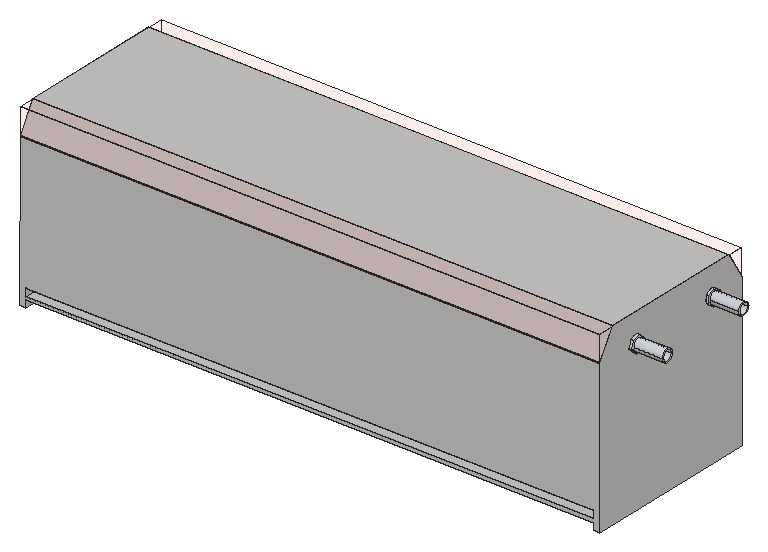
Revit family "Air-Curtain_Climate-Control_PoweredAire_ECE-HW", category Mechanical Equipment, host Face, Revit 2026
Family settings
  Host = Face
  Round Connector Dimension = Use Diameter
  Part Type = Normal
  Classification Number = 23.75.35.17.21
  Cut with Voids When Loaded = No
  Maintain Annotation Orientation = No
  Shared = No
  Room Calculation Point = No
Parameters
  upperrotation [instance] = if(Upper Pipe Connection Side A, 0.00°, 180.00°)  # 0.00°
  lowerrotation [instance] = if(Lower Pipe Connection Side A, 0.00°, 180.00°)  # 0.00°
  locateupperpipe [instance] = if(Upper Pipe Connection Side A, 0' 0", Nozzle Width)  # 0' - 0"
  locatelowerpipe [instance] = if(Lower Pipe Connection Side A, 0' 0", Nozzle Width)  # 0' - 0"
  Upper Pipe Connection Side A [instance] = yes
  Unit Width Notes = "Other Widths available."  # constant formula
  Unit Width = 4' - 1"
  Unit Weight = 0
  Unit Height = 1' - 3"
  Unit Depth [instance] = if(Include Filters, 2' 1 7/8", 1' 11 3/4")  # 1' - 11 3/4"
  Unit  Depth [instance] = 1' - 3"
  URL = "http://www.poweredaire.com/"
  Specification = ""
  Projection from Host [instance] = 0' - 0"
  Product Page URL = "https://www.arcat.com/company/powered-aire-inc-47623"
  Power Rating = 0 W
  Piping_Water Flow [instance] = 0 GPM
  Piping_Operating Pressure [instance] = 0.00 psi
  Piping_Exit Temperature [instance] = 0 °F
  Piping_Entry Temperature [instance] = 0 °F
  Pipe OD [instance] = 5/8"
  Nozzle Width = if(1 = 1, Unit Width - 0' 3", 0' 0")  # 3' - 10"
  Mounting Width = if(1 = 1, Unit Width - 0' 1 1/2", 0' 0")  # 3' - 11 1/2"
  Mounting Height [instance] = 3' - 6"
  Motor RPM = 0
  Motor HP = 0
  Motor Count = 0
  Model = "ECE HW"
  Max Height = 0' - 0"
  Manufacturer = "Powered Aire, Inc"
  Lower Pipe Connection Side A [instance] = yes
  Keynote = "23 34 33"
  Include Filters [instance] = no
  Include Clearance [instance] = yes
  Heating Element Load = 0 W
  HVAC_Temperature Rise [instance] = 0 °F
  HVAC_Outlet Volume [instance] = 0 CFM
  HVAC_Outlet Velocity Uniformity = 0
  HVAC_Outlet Velocity [instance] = 0 FPM
  HVAC_BTU Input = 0.0 Btu/h
  Front Grating Material [instance] = Metal - Steel - PoweredAire - Stainless 304 Perforated
  Frame Finish [instance] = Metal - Steel - PoweredAire - Stainless 304
  Electrical_Wattage [instance] = Power Rating + Heating Element Load  # 0 W
  Electrical_Voltage [instance] = 0 V
  Electrical_Phase [instance] = 1
  Electrical_Frequency [instance] = 0 Hz
  Electrical_Amperage [instance] = 0 A
  Description = ""
  Default Elevation = 0' - 0"  # constant formula
  Copyright = "©Arcat Inc."
  Clearance_Top [instance] = 0' - 0"
  Clearance_Side B [instance] = 0' - 0"
  Clearance_Side A [instance] = 0' - 0"
  Clearance_Intake [instance] = 0' - 0"
  Clearance_Bottom [instance] = 0' - 0"
  Clearance Material [instance] = ARCAT Clearance
  CAD Details = ""
  Assembly Code = "D3090400"
Reference planes (in)
  plane 1 "Center (Elevation)": y = 0.13818
  plane 2: z = 0
  plane 3 "Center (Left/Right)": x = 0
  plane 4: y = 7.63818
  plane 5: y = -7.36182
  plane 6: x = 24.5
  plane 7: z = 15
  plane 8 "FF": y = -41.86182
  plane 9: x = 24.5
  plane 10: x = -24.5
  plane 11: y = 7.63818
  plane 12: y = -7.36182
  plane 13: x = -24.5
  plane 14: y = 6.26318
  plane 15: y = -5.98682
  plane 16: z = 12.75
  plane 17: y = 4.38818
  plane 18: y = -3.67182
  plane 19: z = 0
  plane 20: y = 9.88818
  plane 21: x = 24
  plane 22: x = -24
Forms (in)
  Extrusion 1, solid, material "Metal - Steel - PoweredAire - Stainless 304" <- "Frame Finish"
    sketch origin (0, -0.0191, 0) x (0, 1, 0) y (0, 0, 1)
      loop
        line (-7.34273, 0) -> (7.65727, 0) -> (7.65727, 12.75) -> (6.24408, 15.03125) -> (-5.96773, 15.03125) -> (-7.34273, 12.75) -> (-7.34273, 0)
    from -24.5 to 24.5
  Extrusion 2, solid, material "ARCAT Clearance" <- "Clearance Material", visible <- "Include Clearance"
    sketch origin (0, 0, 0) x (0, 1, 0) y (0, 0, 1)
      loop
        line (-7.36182, 15) -> (-7.36182, 0) -> (7.63818, 0) -> (7.63818, 15) -> (-7.36182, 15)
    from -24.5 to 24.5
  Extrusion 3, solid
    sketch origin (0, 0, 0) x (0, 1, 0) y (0, 0, 1)
      loop
        circle (-3.67182, 12.75) r 0.44922
      loop
        circle (4.38818, 12.75) r 0.44922
      loop
        circle (-3.67182, 12.75) r 0.5
      loop
        circle (4.38818, 12.75) r 0.5
    from 24.5 to 27.25
  Extrusion 4, solid
    sketch origin (0, 0, 0) x (0, 1, 0) y (0, 0, 1)
      loop
        line (-3.19979, 12.27796) -> (-3.02701, 12.92278) -> (-3.49905, 13.39481) -> (-4.14386, 13.22204) -> (-4.31664, 12.57722) -> (-3.8446, 12.10519) -> (-3.19979, 12.27796)
      loop
        line (4.93501, 12.3671) -> (4.99319, 13.03212) -> (4.44636, 13.41502) -> (3.84134, 13.1329) -> (3.78316, 12.46788) -> (4.32999, 12.08498) -> (4.93501, 12.3671)
      loop
        circle (-3.67182, 12.75) r 0.5
      loop
        circle (4.38818, 12.75) r 0.5
    from 24.5 to 24.78
  Extrusion 5, void
    sketch origin (0.25, 0, -1) x (0, 1, 0) y (0, 0, 1)
      loop
        line (-7.36182, 1) -> (-6.36182, 1) -> (-6.36182, 2.5) -> (-7.36182, 2.5) -> (-7.36182, 1.82425) -> (-6.50864, 1.82425) -> (-6.50864, 1.57425) -> (-7.36182, 1.57425) -> (-7.36182, 1)
    from -24.25 to 23.75
  Extrusion 6, solid
    sketch origin (0, 0.13818, 0) x (1, 0, 0) y (0, 0, 1)
      loop
        line (1.90625, 10.0625) -> (-1.90625, 10.0625)
        arc (-1.90625, 10.0625) -> (-1.97254, 10.03504) -> (-2, 9.96875) r 0.09375
        line (-2, 9.96875) -> (-2, 6.15625)
        arc (-2, 6.15625) -> (-1.97254, 6.08996) -> (-1.90625, 6.0625) r 0.09375
        line (-1.90625, 6.0625) -> (1.90625, 6.0625)
        arc (1.90625, 6.0625) -> (1.97254, 6.08996) -> (2, 6.15625) r 0.09375
        line (2, 6.15625) -> (2, 9.96875)
        arc (2, 9.96875) -> (1.97254, 10.03504) -> (1.90625, 10.0625) r 0.09375
    from -9.75 to -7.5
  Extrusion 7, solid, material "Metal - Steel - PoweredAire - Stainless 304 Perforated"
    sketch origin (0, 0, 0) x (0, 1, 0) y (0, 0, 1)
      loop
        line (-5.98682, 15.03125) -> (6.22498, 15.03125) -> (7.63818, 12.75) -> (7.63818, 12.80115) -> (6.24908, 15.07422) -> (-6.01109, 15.07422) -> (-7.36182, 12.83324) -> (-7.36182, 12.75) -> (-5.98682, 15.03125)
    from -24.5 to 24.5
  Extrusion 8, solid
    sketch origin (0, 0, 0) x (0, 1, 0) y (0, 0, 1)
      loop
        circle (-3.67182, 12.75) r 0.53906
      loop
        circle (4.38818, 12.75) r 0.53906
    from 23.98 to 24.5
Cuts and joins
  Extrusion 5 cuts Extrusion 1
  Extrusion 5 cuts Extrusion 2
Lines and regions (in)
  reference lines
    curve 1: line (19.5, 6.26318, 0) -> (24.25, 6.26318, 0)
    curve 2: line (19.5, -5.98682, 0) -> (23.75, -5.98682, 0)
Dimensions and locks (in)
  equal spacing: plane 4, plane 1 "Center (Elevation)", plane 5
  "Unit Height": plane 4 to plane 5
  plane 10 to plane 3 "Center (Left/Right)" to plane 9 = 2' - 0 1/2", 2' - 0 1/2"
  "Mounting Height": plane 1 "Center (Elevation)" to plane 8 "FF"
  "Clearance_Top": plane 11 to plane 4
  "Clearance_Bottom": plane 5 to plane 12
  locked: plane 12 to plane 18 at 3.69
  locked: plane 17 to plane 11 at 3.25
  locked: Extrusion 1 to Extrusion 3 at 2.75
  "Clearance_Side B": plane 9 to plane 6
  "Clearance_Side A": plane 13 to plane 10
  "Unit Width": plane 10 to plane 9
  locked: plane 6 to Extrusion 4 at 0.28
  Extrusion 5 sketch curve to Extrusion 5 sketch curve to Extrusion 5 sketch curve to Extrusion 5 sketch curve = 0' - 0.67575" locked, 0' - 0 1/4" locked, 0' - 0.57425" locked
  locked: Extrusion 5 sketch curve to Extrusion 5 sketch curve at 0.14681
  "Projection from Host": plane 2 to plane 19
  locked: plane 16 to plane 7 at 2.25
  "Unit  Depth": plane 7 to plane 19
  Extrusion 6 to plane 3 "Center (Left/Right)" to Extrusion 6 = 0' - 2" locked, 0' - 2" locked
  locked: Extrusion 6 to Extrusion 6 at 4
  locked: Extrusion 6 to plane 7 at 4.9375
  locked: cut or joined group of Extrusion 2, Extrusion 5 to Extrusion 6 at 2.25
  locked: plane 20 to plane 11 at 2.25
  equal spacing: cut or joined group of Extrusion 2, Extrusion 5, plane 3 "Center (Left/Right)", cut or joined group of Extrusion 2, Extrusion 5
  locked: plane 22 to plane 10 at 0.5
  locked: plane 9 to plane 21 at 0.5
  locked: Extrusion 8 to plane 6 at 0.52
  plane 9 to plane 6 = 0' - 0"
  aligned and locked: plane 2 to host face
  aligned and locked: host face to level
  aligned and locked: plane 12 to Extrusion 2 sketch curve
  aligned and locked: level to Extrusion 2 sketch curve
  aligned and locked: Extrusion 2 sketch curve to plane 11
  aligned and locked: Extrusion 2 to plane 13
  aligned and locked: plane 9 to Extrusion 1
  aligned and locked: Extrusion 1 to plane 10
  aligned and locked: plane 15 to curve 2
  aligned and locked: plane 14 to curve 1
  aligned and locked: plane 6 to Extrusion 2
  aligned and locked: Extrusion 3 to Extrusion 1
  aligned and locked: Extrusion 3 to plane 9
  aligned and locked: plane 9 to Extrusion 3  (x2)
  aligned and locked: plane 10 to Extrusion 1
  aligned and locked: Extrusion 4 to plane 6
  aligned and locked: plane 19 to cut or joined group of Extrusion 1, Extrusion 5
  aligned and locked: Extrusion 1 to Extrusion 5
  aligned and locked: Extrusion 1 to plane 4
  aligned and locked: Extrusion 1 to plane 5
  aligned and locked: cut or joined group of Extrusion 1, Extrusion 5 to plane 11
  aligned and locked: Extrusion 7 sketch curve to plane 5
  aligned and locked: plane 4 to Extrusion 7 sketch curve
  aligned and locked: Extrusion 7 to cut or joined group of Extrusion 1, Extrusion 5  (x2)
  aligned and locked: Extrusion 6 to cut or joined group of Extrusion 1, Extrusion 5
  aligned and locked: cut or joined group of Extrusion 1, Extrusion 5 to Extrusion 6
  aligned and locked: Extrusion 6 to plane 20
  aligned and locked: Extrusion 5 to cut or joined group of Extrusion 2, Extrusion 5  (x2)
  aligned and locked: plane 21 to cut or joined group of Extrusion 2, Extrusion 5
  aligned and locked: cut or joined group of Extrusion 2, Extrusion 5 to plane 22
  aligned and locked: Extrusion 8 to Extrusion 4
Automatic sketch dimensions
  host sketch curve to host sketch curve = 8' - 0"  (x2)
  curve 1 to plane 9 = 0' - 0 1/4"
  curve 1 to curve 1 = 0' - 4 3/4"
  curve 2 to plane 9 = 0' - 5"
  Extrusion 3 sketch curve to Extrusion 3 sketch curve = 0' - 0"  (x4)
  Extrusion 3 sketch curve to plane 16 = 0' - 0"  (x2)
  Extrusion 3 sketch curve to plane 18 = 0' - 0"
  Extrusion 3 sketch curve to plane 17 = 0' - 0"
  Extrusion 4 sketch curve to plane 16 = 0' - 0"  (x2)
  Extrusion 4 sketch curve to plane 18 = 0' - 0"
  Extrusion 4 sketch curve to plane 17 = 0' - 0"
  plane 18 to Extrusion 4 sketch curve = 0' - 0.17278"
  plane 18 to Extrusion 4 sketch curve = 0' - 0.47204"
  Extrusion 4 sketch curve to plane 16 = 0' - 0.17278"
  plane 18 to Extrusion 4 sketch curve = 0' - 0.64481"
  Extrusion 4 sketch curve to plane 18 = 0' - 0.17278"
  Extrusion 4 sketch curve to plane 18 = 0' - 0.47204"
  plane 16 to Extrusion 4 sketch curve = 0' - 0.17278"
  Extrusion 4 sketch curve to plane 18 = 0' - 0.64481"
  Extrusion 4 sketch curve to plane 16 = 0' - 0.28212"
  plane 17 to Extrusion 4 sketch curve = 0' - 0.60502"
  plane 17 to Extrusion 4 sketch curve = 0' - 0.54683"
  plane 17 to Extrusion 4 sketch curve = 0' - 0.05818"
  Extrusion 4 sketch curve to plane 17 = 0' - 0.05818"
  Extrusion 4 sketch curve to plane 17 = 0' - 0.54683"
  plane 16 to Extrusion 4 sketch curve = 0' - 0.28212"
  Extrusion 4 sketch curve to plane 17 = 0' - 0.60502"
  Extrusion 4 sketch curve to plane 16 = 0' - 0.3829"
  Extrusion 4 sketch curve to plane 16 = 0' - 0.47204"
  Extrusion 4 sketch curve to plane 16 = 0' - 0.64481"
  Extrusion 4 sketch curve to plane 16 = 0' - 0.66502"
  plane 16 to Extrusion 4 sketch curve = 0' - 0.3829"
  plane 16 to Extrusion 4 sketch curve = 0' - 0.47204"
  plane 16 to Extrusion 4 sketch curve = 0' - 0.64481"
  plane 16 to Extrusion 4 sketch curve = 0' - 0.66502"
  Extrusion 5 sketch curve to plane 5 = 0' - 0"  (x2)
  plane 15 to Extrusion 5 sketch curve = 0' - 0.52181"
  Extrusion 2 sketch curve to plane 7 = 0' - 0"
  plane 19 to Extrusion 5 sketch curve = 0' - 0"
  Extrusion 6 sketch curve to plane 3 "Center (Left/Right)" = 0' - 2"
  Extrusion 6 sketch curve to Extrusion 6 sketch curve = 0' - 0 3/32"  (x3)
  plane 3 "Center (Left/Right)" to Extrusion 6 sketch curve = 0' - 1 29/32"  (x2)
  level to Extrusion 6 sketch curve = 0' - 6 1/16"
  Extrusion 6 sketch curve to plane 16 = 0' - 2 25/32"
  Extrusion 7 sketch curve to plane 15 = 0' - 0"
  Extrusion 7 sketch curve to plane 16 = 0' - 0"  (x2)
  plane 14 to Extrusion 7 sketch curve = 0' - 0.03819"
  plane 14 to Extrusion 7 sketch curve = 0' - 0.0141"
  Extrusion 7 sketch curve to Extrusion 7 sketch curve = 0' - 0.05115"
  Extrusion 7 sketch curve to Extrusion 7 sketch curve = 0' - 0.08324"
  plane 7 to Extrusion 7 sketch curve = 0' - 0 1/32"
  Extrusion 7 sketch curve to Extrusion 7 sketch curve = 0' - 0 11/256"
  plane 15 to Extrusion 7 sketch curve = 0' - 0.02427"
  Extrusion 1 sketch curve to plane 5 = 0' - 0"
  Extrusion 1 sketch curve to plane 15 = 0' - 0"
  Extrusion 1 sketch curve to level = 0' - 0"
  Extrusion 1 sketch curve to plane 4 = 0' - 0"
  Extrusion 1 sketch curve to plane 16 = 0' - 0"  (x2)
  plane 14 to Extrusion 1 sketch curve = 0' - 0.03819"
  plane 7 to Extrusion 1 sketch curve = 0' - 0 1/32"
  curve 2 to plane 6 = 0' - 0 3/4"
  Extrusion 8 sketch curve to plane 16 = 0' - 0"  (x2)
  Extrusion 8 sketch curve to plane 18 = 0' - 0"
  Extrusion 8 sketch curve to plane 17 = 0' - 0"
  radius of Extrusion 3 sketch curve = 0' - 0 115/256"  (x2)
  radius of Extrusion 3 sketch curve = 0' - 0 1/2"  (x2)
  radius of Extrusion 4 sketch curve = 0' - 0 1/2"  (x2)
  radius of Extrusion 8 sketch curve = 0' - 0 69/128"  (x2)
